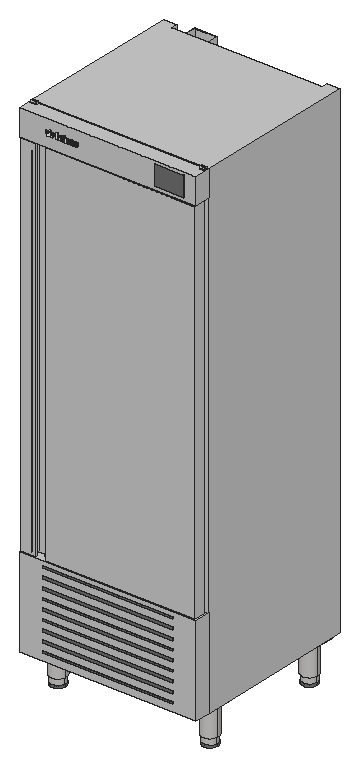
Revit family "QF_INFRICO_AN501TF_250808101445", category Specialty Equipment, Revit 2021
Family settings
  Round Connector Dimension = Use Diameter
  Part Type = Normal
  OmniClass Number = 23.40.40.14
  OmniClass Title = Food Service Equipment
  Work Plane-Based = No
  Always vertical = Yes
  Cut with Voids When Loaded = No
  Shared = No
  Room Calculation Point = No
Parameters (values of type "AN501TF-R290")
  Weight [instance] = 0.00 kg
  Waste Water Discharge Temperature [instance] = 0 °C
  Waste Remarks [instance] = ""
  Warranty Start Date [instance] = ""
  Warranty Duration [instance] = ""
  Volts [instance] = 230 V
  Volt Free Conn [instance] = no
  URL Recommended Spares List [instance] = ""
  URL Manufacturer [instance] = ""
  URL Cutsheet [instance] = ""
  URL Critical Spares List [instance] = ""
  URL = "www.infrico.com"
  Technical Documentation [instance] = ""
  Tag Number [instance] = ""
  Status [instance] = ""
  Start Up Current [instance] = 0 A
  Specification by User [instance] = ""
  Specification by Manufacturer [instance] = ""
  Sound Level [instance] = ""
  Show Logo [instance] = yes
  Show Clearances [instance] = yes
  Service Life Duration [instance] = ""
  Serial Number [instance] = ""
  Seismic Rating [instance] = ""
  SMACNA No [instance] = ""
  Revision Code [instance] = ""
  Revision [instance] = ""
  Production Year [instance] = ""
  Potential Equalisation [instance] = no
  Point Load [instance] = 0
  Plumbing Connection Type [instance] = ""
  Phase [instance] = 1
  Other Equipment Approvals [instance] = ""
  Operational Current [instance] = 0 A
  Number of Poles [instance] = 2
  No Load Power Draw [instance] = no
  NAFEM Spec ID Number [instance] = ""
  Model Warning [instance] = ""
  Model = "AN501TF"
  Min Ckt Ampacity [instance] = 0 A
  Max Overcurrent Protection [instance] = 0 A
  Masterspec [instance] = ""
  Manufacturer = "INFRICO"
  Main switch integrated [instance] = no
  Length Actual [instance] = 687.07 mm
  Item Number [instance] = ""
  Installed By [instance] = ""
  Installation Date [instance] = ""
  Indirect Waste Size [instance] = 19.05 mm
  Indirect Waste Remarks [instance] = ""
  Indirect Waste Flow [instance] = 0.0 L/s
  Indirect Waste Connection Type [instance] = ""
  Indirect Waste Connection Height [instance] = 0 mm
  Identify Quantity as Lot [instance] = no
  ID [instance] = ""
  Hygiene Approval [instance] = ""
  Height Actual [instance] = 2059.94 mm
  HP power [instance] = ""
  Furnished By [instance] = ""
  Foodservice Equipment Identifier [instance] = no
  FL Amps [instance] = 0 A
  Electrical Remarks [instance] = ""
  Electric power [instance] = 190 W
  Electric Connection Type [instance] = ""
  Elec Conn RI Height [instance] = 0 mm
  Elec Conn Connection Height [instance] = 0 mm
  ETL Approved [instance] = no
  Direct Waste Water Discharge Temperature [instance] = -273.15 °C
  Direct Waste Size [instance] = 19.05 mm
  Direct Waste RI Height [instance] = 0 mm
  Direct Waste Flow [instance] = 0.0 L/s
  Direct Waste Connection Height [instance] = 0 mm
  Description = "BOTTOM MOUNTED REFRIGERATOR AND FREEZER REACH IN - ONE DOOR - R290"
  Depth Actual [instance] = 700.024 mm
  Default Elevation = 0 mm
  Cycle [instance] = 50 Hz
  Cost = 0
  Connection to energy optimisation system [instance] = yes
  Conn Plug [instance] = ""
  Conn Conduit [instance] = no
  Centralized building control system with digital interface [instance] = ""
  CSI MasterFormat [instance] = ""
  CE Approved [instance] = no
  Barcode [instance] = 0
  Author [instance] = ""
  Asset Identifier [instance] = ""
  Apparent Power [instance] = 190 VA
  Accessory [instance] = no
Reference planes
  plane 1 "Center (Front/Back)": y = 0
  plane 2: z = 0
  plane 3 "Center (Left/Right)": x = 0
Forms (mm)
  Extrusion 1, solid, not visible
    sketch origin (343.517, -125.006, 414.52) x (1, 0, 0) y (0, 1, 0)
      loop
        line (-2, 2) -> (-2, -2) -> (2, -2) -> (2, 2) -> (-2, 2)
    from -2 to 2
  Extrusion 2, solid, not visible
    sketch origin (600.529, -22.001, 2015.698) x (1, 0, 0) y (0, 1, 0)
      loop
        line (-2, 2) -> (-2, -2) -> (2, -2) -> (2, 2) -> (-2, 2)
    from -2 to 2
Dimensions and locks
  locked: nested 2 to Extrusion 1 at 2  (x2)
  locked: Extrusion 2 to nested 3
  locked: nested 3 to Extrusion 2 at 2
  aligned and locked: level to plane 2
Nested families
  nested 1: "QF_INFRICO_A500_2920" at (0, 0, 150), type "AN501TF-R290"
    with Weight 0.00 kg, Warranty Start Date "", Warranty Duration "", URL Cutsheet "", Technical Documentation "", Tag Number "", Status "", Specification by User "", Specification by Manufacturer "", Sound Level "", Solid Fuel Type "", Show Logo yes, Show Clearances yes, Show Clearance yes, Service Life Duration "", Serial Number "", Seismic Rating "", SMACNA No "", Revision Code "", Revision "", Production Year "", Point Load 0, Other Equipment Approvals "", NAFEM Spec ID Number "", Model Warning "", Masterspec "", Length Actual 687.07 mm, Item Number "", Installed By "", Installation Date "", Identify Quantity as Lot yes, ID "", Hygiene Approval "", Height Actual 2059.94 mm, Furnished By "", Foodservice Equipment Identifier yes, ETL Approved yes, Depth Actual 700.024 mm, CSI MasterFormat "", CE Approved no, Barcode "", Author "", Asset Identifier "", Accessory no
  nested 2: "CONN_POINT_DRAIN_2D___Generic_Annotation" at (343.517, -125.006, 412.52), type "CONN_POINT_DRAIN_2D___Generic_Annotation"
    with Onboard connection annotation symbol visibility yes
  nested 3: "CONN_POINT_ELE_2D___Generic_Annotation" at (600.529, -20.001, 2015.698), type "CONN_POINT_ELE_2D___Generic_Annotation"
    with Onboard connection annotation symbol visibility yes
  nested 4: "QF_INFRICO_AN_DOOR_DX_10_4932" at (5, -640, 505), type "AN_DOOR_DX_10"
    with Weight 0.00 kg, Warranty Start Date "", Warranty Duration "", URL Cutsheet "", Technical Documentation "", Tag Number "", Status "", Specification by User "", Specification by Manufacturer "", Sound Level "", Solid Fuel Type "", Show Logo yes, Show Clearances yes, Show Clearance yes, Service Life Duration "", Serial Number "", Seismic Rating "", SMACNA No "", Revision Code "", Revision "", Production Year "", Point Load 0, Other Equipment Approvals "", NAFEM Spec ID Number "", Model Warning "", Masterspec "", Length Actual 675.894 mm, Item Number "", Installed By "", Installation Date "", Identify Quantity as Lot yes, ID "", Hygiene Approval "", Height Actual 1441.958 mm, Furnished By "", Foodservice Equipment Identifier yes, ETL Approved yes, Depth Actual 60.96 mm, CSI MasterFormat "", CE Approved no, Barcode "", Author "", Asset Identifier "", Accessory yes
  nested 5: "QF_INFRICO_LEGS_REACH_INS_5719" at (0, 0, 0), type "LEGS_687_640"
    with Weight 0.00 kg, Warranty Start Date "", Warranty Duration "", URL Cutsheet "", Technical Documentation "", Tag Number "", Status "", Specification by User "", Specification by Manufacturer "", Sound Level "", Solid Fuel Type "", Show Logo yes, Show Clearances yes, Service Life Duration "", Serial Number "", Seismic Rating "", SMACNA No "", Revision Code "", Revision "", Production Year "", Point Load 0, Other Equipment Approvals "", NAFEM Spec ID Number "", Model Warning "", Masterspec "", Length Actual 687.07 mm, Item Number "", Installed By "", Installation Date "", Identify Quantity as Lot yes, ID "", Hygiene Approval "", Height Actual 150.114 mm, Furnished By "", Foodservice Equipment Identifier yes, ETL Approved yes, Depth Actual 640.08 mm, CSI MasterFormat "", CE Approved no, Barcode "", Author "", Asset Identifier "", Accessory yes
Connectors
  piping at (343.517, -125.006, 412.52), diameter 19.05, driven by "Indirect Waste Size", driven by "Direct Waste Flow"
    settings: on Extrusion 1, index 1, connector inside diameter 609.6 mm, connector length 0 mm, flow factor 0, pipe flow 0.0 L/s, pressure drop 0.0 Pa, fitting loss kfactor 0, connector angle 0.00°, fixture units 0, engagement length 0 mm, angle of deflection 0.00°, flow configuration 1, flow direction 2, fitting loss method 0, system type 16, joint type 0, gender type 0, connector reference index -1, connector utility 0, adjustable connector no, is connector primary yes, connector description "Waste connection for AN501TF"
  electrical at (600.529, -20.001, 2015.698), driven by "Apparent Power", driven by "Number of Poles", driven by "Volts"
    settings: on Extrusion 2, index 2, voltage 230 V, apparent load 0 VA, apparent load phase1 190 VA, apparent load phase2 0 VA, apparent load phase3 0 VA, power factor 1, load classification "Other", number of poles 2, system type 31, power factor state 1, is connector primary yes, connector utility no, sub classification motor no, connector description "Electrical connection for AN501TF"
Definition of nested family "QF_INFRICO_A500_2920"
  Parameters (values of type "AEX500TF")
    Weight [instance] = 0.00 kg
    Warranty Start Date [instance] = ""
    Warranty Duration [instance] = ""
    URL Cutsheet [instance] = ""
    URL = "www.infrico.com"
    Technical Documentation [instance] = ""
    Tag Number [instance] = ""
    Status [instance] = ""
    Specification by User [instance] = ""
    Specification by Manufacturer [instance] = ""
    Sound Level [instance] = ""
    Solid Fuel Type [instance] = ""
    Show Logo [instance] = yes
    Show Clearances [instance] = yes
    Show Clearance [instance] = yes
    Service Life Duration [instance] = ""
    Serial Number [instance] = ""
    Seismic Rating [instance] = ""
    SMACNA No [instance] = ""
    Revision Code [instance] = ""
    Revision [instance] = ""
    Production Year [instance] = ""
    Point Load [instance] = 0
    Other Equipment Approvals [instance] = ""
    NAFEM Spec ID Number [instance] = ""
    Model Warning [instance] = ""
    Model = "AEX500TF"
    Masterspec [instance] = ""
    Manufacturer = "INFRICO"
    Length Actual [instance] = 0 mm
    Item Number [instance] = ""
    Installed By [instance] = ""
    Installation Date [instance] = ""
    Identify Quantity as Lot [instance] = yes
    ID [instance] = ""
    Hygiene Approval [instance] = ""
    Height Actual [instance] = 0 mm
    Furnished By [instance] = ""
    Foodservice Equipment Identifier [instance] = yes
    ETL Approved [instance] = yes
    Description = "BOTTOM MOUNTED REFRIGERATOR AND FREEZER GLASS DOOR REACH IN - ONE DOOR - R134A REFRIGERANT"
    Depth Actual [instance] = 0 mm
    Default Elevation = 0 mm
    CSI MasterFormat [instance] = ""
    CE Approved [instance] = yes
    Barcode [instance] = ""
    Author [instance] = ""
    Asset Identifier [instance] = ""
    Assembly Code = "E1090320"
    Accessory [instance] = yes
  Types (8, lengths in mm): name | Model | Description
    AEX500TF | "AEX500TF" | "BOTTOM MOUNTED REFRIGERATOR AND FREEZER GLASS DOOR REACH IN - ONE DOOR - R134A REFRIGERANT"
    AN502BT | "AN502BT" | "BOTTOM MOUNTED REFRIGERATOR REACH IN - TWO DOORS - R290 REFRIGERANT"
    AN502TF-R290 | "AN502TF" | "BOTTOM MOUNTED REFRIGERATOR REACH IN - TWO DOORS - R290 REFRIGERANT"
    AN502TF | "AN502TF" | "BOTTOM MOUNTED REFRIGERATOR REACH IN - TWO DOORS - R134A REFRIGERANT"
    AN501TF | "AN501TF" | "BOTTOM MOUNTED REFRIGERATOR AND FREEZER REACH IN - ONE DOOR - R134A REFRIGERANT"
    AN501TF-R290 | "AN501TF" | "BOTTOM MOUNTED REFRIGERATOR AND FREEZER REACH IN - ONE DOOR - R290 REFRIGERANT"
    AN501BTCR | "AN501BTCR" | "BOTTOM MOUNTED REFRIGERATOR AND FREEZER GLASS DOOR REACH IN - ONE DOOR - R290 REFRIGERANT"
    AN501BT | "AN501BT" | "BOTTOM MOUNTED REFRIGERATOR AND FREEZER REACH IN - ONE DOOR - R290 REFRIGERANT"
  Reference planes
    plane 1 "Back": y = 0
    plane 2: z = 0
    plane 3 "Left": x = 0
    plane 4 "Right": x = 687
    plane 5 "Front": y = -700
    plane 6 "Top": z = 1902
  Forms (mm)
    Extrusion 1, solid
      sketch origin (0, -95, 1652) x (1, 0, 0) y (0, 1, 0)
        loop
          line (0, -545) -> (0, -605) -> (687, -605) -> (687, -545) -> (684.5, -545) -> (684.5, -558) -> (662, -558) -> (662, -545) -> (25, -545) -> (25, -558) -> (2.5, -558) -> (2.5, -545) -> (0, -545)
      from 150 to 250
    Extrusion 2, solid
      sketch origin (0, -95, 0) x (0, 1, 0) y (0, 0, 1)
        loop
          line (-545, 350) -> (-605, 350) -> (-605, 0) -> (-545, 0) -> (-545, 350)
      from 0 to 687
    Extrusion 3, solid
      sketch origin (-2880.873, -698.1, -227.949) x (1, 0, 0) y (0, 0, 1)
        loop
          line (3478.016, 523.949) -> (2970.73, 523.949) -> (2970.73, 514.949) -> (3478.016, 514.949) -> (3478.016, 523.949)
        loop
          line (3478.016, 486.949) -> (2970.73, 486.949) -> (2970.73, 477.949) -> (3478.016, 477.949) -> (3478.016, 486.949)
        loop
          line (3478.016, 449.949) -> (2970.73, 449.949) -> (2970.73, 440.949) -> (3478.016, 440.949) -> (3478.016, 449.949)
        loop
          line (3478.016, 412.949) -> (2970.73, 412.949) -> (2970.73, 403.949) -> (3478.016, 403.949) -> (3478.016, 412.949)
        loop
          line (3478.016, 375.949) -> (2970.73, 375.949) -> (2970.73, 366.949) -> (3478.016, 366.949) -> (3478.016, 375.949)
        loop
          line (3478.016, 338.949) -> (2970.73, 338.949) -> (2970.73, 329.949) -> (3478.016, 329.949) -> (3478.016, 338.949)
        loop
          line (3478.016, 301.949) -> (2970.73, 301.949) -> (2970.73, 292.949) -> (3478.016, 292.949) -> (3478.016, 301.949)
        loop
          line (3478.016, 264.949) -> (2970.73, 264.949) -> (2970.73, 255.949) -> (3478.016, 255.949) -> (3478.016, 264.949)
        loop
          line (3478.016, 560.949) -> (2970.73, 560.949) -> (2970.73, 551.949) -> (3478.016, 551.949) -> (3478.016, 560.949)
      from 0 to 2
    Extrusion 4, solid, visible <- "Show Logo"
      sketch origin (-1062.353, -699, 1146.37) x (1, 0, 0) y (0, 0, 1)
        loop
          line (1208.799, 696.53) -> (1208.799, 719.204) -> (1204.173, 719.204) -> (1204.173, 696.53) -> (1208.799, 696.53)
        loop
          line (1214.779, 713.006) -> (1211.283, 713.006) -> (1211.283, 696.53) -> (1215.772, 696.53) -> (1215.772, 707.832)
          arc (1215.772, 707.832) -> (1217.528, 708.741) -> (1219.417, 709.324) r 11.052
          arc (1219.417, 709.324) -> (1220.929, 708.961) -> (1221.598, 707.557) r 1.806
          line (1221.598, 707.557) -> (1221.598, 696.53) -> (1226.121, 696.53) -> (1226.121, 708.689)
          arc (1226.121, 708.689) -> (1224.637, 712.075) -> (1221.141, 713.281) r 4.607
          arc (1221.141, 713.281) -> (1218.282, 712.674) -> (1215.669, 711.361) r 11.435
          line (1215.669, 711.361) -> (1215.601, 712.184)
          arc (1215.601, 712.184) -> (1215.36, 712.765) -> (1214.779, 713.006) r 0.822
        loop
          line (1238.557, 720.102) -> (1237.306, 720.102)
          arc (1237.306, 720.102) -> (1235.052, 719.926) -> (1232.881, 719.297) r 11.103
          arc (1232.881, 719.297) -> (1230.805, 717.616) -> (1230.024, 715.062) r 4.567
          line (1230.024, 715.062) -> (1230.024, 712.909) -> (1227.351, 712.703) -> (1227.351, 709.374) -> (1230.024, 709.374) -> (1230.024, 696.53) -> (1234.547, 696.53) -> (1234.547, 709.374) -> (1238.249, 709.374) -> (1238.249, 712.938) -> (1234.547, 712.938) -> (1234.547, 714.548)
          arc (1234.547, 714.548) -> (1234.956, 715.705) -> (1236.045, 716.271) r 1.67
          line (1236.045, 716.271) -> (1237.7, 716.399)
          arc (1237.7, 716.399) -> (1238.306, 716.65) -> (1238.557, 717.255) r 0.857
          line (1238.557, 717.255) -> (1238.557, 720.102)
        loop
          line (1239.479, 713.006) -> (1239.479, 696.53) -> (1243.968, 696.53) -> (1243.968, 707.352)
          arc (1243.968, 707.352) -> (1245.873, 708.631) -> (1248.077, 709.268) r 7.435
          line (1248.077, 709.268) -> (1249.241, 709.416)
          arc (1249.241, 709.416) -> (1249.643, 709.758) -> (1249.793, 710.265) r 0.928
          line (1249.793, 710.265) -> (1249.793, 712.458)
          arc (1249.793, 712.458) -> (1249.531, 713.061) -> (1248.912, 713.28) r 0.824
          arc (1248.912, 713.28) -> (1246.197, 712.588) -> (1243.899, 710.984) r 7.833
          line (1243.899, 710.984) -> (1243.726, 713.006) -> (1239.479, 713.006)
        loop
          line (1255.495, 696.53) -> (1255.495, 713.006) -> (1251.006, 713.006) -> (1251.006, 696.53) -> (1255.495, 696.53)
        loop
          arc (1257.421, 701.327) -> (1258.567, 698.188) -> (1261.466, 696.525) r 4.873
          arc (1261.466, 696.525) -> (1264.493, 696.266) -> (1267.521, 696.525) r 17.816
          arc (1267.521, 696.525) -> (1270.575, 699.134) -> (1271.505, 703.041) r 6.481
          line (1271.505, 703.041) -> (1267.187, 703.041) -> (1267.187, 701.67)
          arc (1267.187, 701.67) -> (1266.64, 700.452) -> (1265.442, 699.865) r 1.965
          arc (1265.442, 699.865) -> (1264.547, 699.816) -> (1263.653, 699.865) r 8.196
          arc (1263.653, 699.865) -> (1262.417, 700.415) -> (1261.91, 701.67) r 1.806
          line (1261.91, 701.67) -> (1261.91, 707.9)
          arc (1261.91, 707.9) -> (1262.417, 709.155) -> (1263.653, 709.705) r 1.806
          arc (1263.653, 709.705) -> (1264.547, 709.754) -> (1265.442, 709.705) r 8.196
          arc (1265.442, 709.705) -> (1266.64, 709.118) -> (1267.187, 707.9) r 1.965
          line (1267.187, 707.9) -> (1267.187, 706.838) -> (1271.505, 706.838)
          arc (1271.505, 706.838) -> (1270.524, 710.556) -> (1267.521, 712.959) r 6.132
          arc (1267.521, 712.959) -> (1264.493, 713.294) -> (1261.466, 712.959) r 13.851
          arc (1261.466, 712.959) -> (1258.571, 711.349) -> (1257.421, 708.243) r 4.772
          line (1257.421, 708.243) -> (1257.421, 701.327)
        loop
          arc (1272.916, 701.329) -> (1273.993, 698.345) -> (1276.726, 696.734) r 4.676
          arc (1276.726, 696.734) -> (1278.515, 696.455) -> (1280.318, 696.291) r 28.371
          arc (1280.318, 696.291) -> (1282.122, 696.455) -> (1283.911, 696.734) r 28.371
          arc (1283.911, 696.734) -> (1286.644, 698.345) -> (1287.72, 701.329) r 4.676
          line (1287.72, 701.329) -> (1287.72, 708.242)
          arc (1287.72, 708.242) -> (1286.644, 711.226) -> (1283.911, 712.837) r 4.676
          arc (1283.911, 712.837) -> (1282.122, 713.116) -> (1280.318, 713.28) r 28.371
          arc (1280.318, 713.28) -> (1278.515, 713.116) -> (1276.726, 712.837) r 28.371
          arc (1276.726, 712.837) -> (1273.993, 711.226) -> (1272.916, 708.242) r 4.676
          line (1272.916, 708.242) -> (1272.916, 701.329)
        loop
          line (1277.405, 707.866) -> (1277.405, 701.705)
          arc (1277.405, 701.705) -> (1277.844, 700.556) -> (1278.936, 699.991) r 1.725
          arc (1278.936, 699.991) -> (1279.627, 699.918) -> (1280.318, 699.856) r 46.133
          arc (1280.318, 699.856) -> (1281.01, 699.918) -> (1281.701, 699.991) r 46.133
          arc (1281.701, 699.991) -> (1282.793, 700.556) -> (1283.231, 701.705) r 1.725
          line (1283.231, 701.705) -> (1283.231, 707.866)
          arc (1283.231, 707.866) -> (1282.793, 709.015) -> (1281.701, 709.58) r 1.725
          arc (1281.701, 709.58) -> (1281.01, 709.653) -> (1280.318, 709.716) r 46.133
          arc (1280.318, 709.716) -> (1279.627, 709.653) -> (1278.936, 709.58) r 46.133
          arc (1278.936, 709.58) -> (1277.844, 709.015) -> (1277.405, 707.866) r 1.725
        loop
          arc (1190.339, 696.543) -> (1191.411, 696.987) -> (1191.856, 698.059) r 1.516
          line (1191.856, 698.059) -> (1191.856, 703.891) -> (1196.035, 703.891)
          arc (1196.035, 703.891) -> (1196.79, 704.121) -> (1197.218, 704.782) r 1.147
          line (1197.218, 704.782) -> (1197.218, 706.211)
          arc (1197.218, 706.211) -> (1196.787, 707.258) -> (1195.719, 707.634) r 1.385
          line (1195.719, 707.634) -> (1194.52, 707.634) -> (1197.218, 710.332)
          arc (1197.218, 710.332) -> (1197.605, 711.266) -> (1197.218, 712.2) r 1.321
          line (1197.218, 712.2) -> (1196.495, 712.923)
          arc (1196.495, 712.923) -> (1195.54, 713.338) -> (1194.558, 712.991) r 1.422
          line (1194.558, 712.991) -> (1191.853, 710.286) -> (1191.853, 711.479)
          arc (1191.853, 711.479) -> (1191.443, 712.516) -> (1190.435, 712.992) r 1.516
          line (1190.435, 712.992) -> (1189.514, 712.992)
          arc (1189.514, 712.992) -> (1188.511, 712.514) -> (1188.103, 711.479) r 1.516
          line (1188.103, 711.479) -> (1188.103, 706.83) -> (1182.073, 701.336) -> (1182.073, 707.509) -> (1185.639, 711.075)
          arc (1185.639, 711.075) -> (1186.053, 712.073) -> (1185.639, 713.071) r 1.412
          line (1185.639, 713.071) -> (1184.987, 713.723)
          arc (1184.987, 713.723) -> (1183.939, 714.141) -> (1182.915, 713.667) r 1.428
          line (1182.915, 713.667) -> (1182.073, 712.825) -> (1182.073, 717.784)
          arc (1182.073, 717.784) -> (1181.658, 718.787) -> (1180.655, 719.203) r 1.418
          line (1180.655, 719.203) -> (1179.726, 719.203)
          arc (1179.726, 719.203) -> (1178.723, 718.787) -> (1178.308, 717.784) r 1.418
          line (1178.308, 717.784) -> (1178.308, 712.825) -> (1177.466, 713.667)
          arc (1177.466, 713.667) -> (1176.442, 714.141) -> (1175.394, 713.723) r 1.428
          line (1175.394, 713.723) -> (1174.742, 713.071)
          arc (1174.742, 713.071) -> (1174.328, 712.073) -> (1174.742, 711.075) r 1.412
          line (1174.742, 711.075) -> (1178.308, 707.509) -> (1178.308, 701.336) -> (1172.278, 706.83) -> (1172.278, 711.479)
          arc (1172.278, 711.479) -> (1171.87, 712.514) -> (1170.867, 712.992) r 1.516
          line (1170.867, 712.992) -> (1169.946, 712.992)
          arc (1169.946, 712.992) -> (1168.938, 712.516) -> (1168.528, 711.479) r 1.516
          line (1168.528, 711.479) -> (1168.528, 710.286) -> (1165.823, 712.991)
          arc (1165.823, 712.991) -> (1164.841, 713.338) -> (1163.886, 712.923) r 1.422
          line (1163.886, 712.923) -> (1163.163, 712.2)
          arc (1163.163, 712.2) -> (1162.776, 711.266) -> (1163.163, 710.332) r 1.321
          line (1163.163, 710.332) -> (1165.861, 707.634) -> (1164.662, 707.634)
          arc (1164.662, 707.634) -> (1163.594, 707.258) -> (1163.163, 706.211) r 1.385
          line (1163.163, 706.211) -> (1163.163, 704.782)
          arc (1163.163, 704.782) -> (1163.591, 704.121) -> (1164.346, 703.891) r 1.147
          line (1164.346, 703.891) -> (1168.525, 703.891) -> (1168.525, 698.059)
          arc (1168.525, 698.059) -> (1168.969, 696.987) -> (1170.042, 696.543) r 1.516
          line (1170.042, 696.543) -> (1190.339, 696.543)
      from 0 to 2
    Extrusion 5, solid
      sketch origin (-640.933, -4.97, 1236.674) x (1, 0, 0) y (0, 0, 1)
        loop
          line (1169.616, 654.3) -> (1169.616, 577.9) -> (1281.216, 577.9) -> (1281.216, 654.3) -> (1169.616, 654.3)
      from 695.03 to 697.03
    Extrusion 6, solid
      sketch origin (5, -77, -10) x (0, 1, 0) y (0, 0, 1)
        loop
          line (-567, 1911) -> (-563, 1911) -> (-563, 1914.5)
          arc (-563, 1914.5) -> (-564.062, 1917.463) -> (-565.924, 1920) r 10.917
          line (-565.924, 1920) -> (-573.076, 1920)
          arc (-573.076, 1920) -> (-574.938, 1917.463) -> (-576, 1914.5) r 10.917
          line (-576, 1914.5) -> (-576, 1911) -> (-572, 1911) -> (-572, 1914.5)
          arc (-572, 1914.5) -> (-569.5, 1917) -> (-567, 1914.5) r 2.5
          line (-567, 1914.5) -> (-567, 1911)
      from 0 to 17.5
    Extrusion 7, solid
      sketch origin (2, -77, -10) x (0, 1, 0) y (0, 0, 1)
        loop
          arc (-567.161, 1915.382) -> (-569.948, 1916.96) -> (-572, 1914.5) r 2.5
          line (-572, 1914.5) -> (-571.49, 1908.671) -> (-564.851, 1909.252) -> (-567.161, 1915.382)
      from 0.5 to 3
    Extrusion 8, solid
      sketch origin (22, -77, -10) x (0, 1, 0) y (0, 0, 1)
        loop
          arc (-567.161, 1915.382) -> (-569.948, 1916.96) -> (-572, 1914.5) r 2.5
          line (-572, 1914.5) -> (-571.49, 1908.671) -> (-564.851, 1909.252) -> (-567.161, 1915.382)
      from 0.5 to 3
    Extrusion 9, solid
      sketch origin (664.5, -77, -10) x (0, 1, 0) y (0, 0, 1)
        loop
          line (-567, 1911) -> (-563, 1911) -> (-563, 1914.5)
          arc (-563, 1914.5) -> (-564.062, 1917.463) -> (-565.924, 1920) r 10.917
          line (-565.924, 1920) -> (-573.076, 1920)
          arc (-573.076, 1920) -> (-574.938, 1917.463) -> (-576, 1914.5) r 10.917
          line (-576, 1914.5) -> (-576, 1911) -> (-572, 1911) -> (-572, 1914.5)
          arc (-572, 1914.5) -> (-569.5, 1917) -> (-567, 1914.5) r 2.5
          line (-567, 1914.5) -> (-567, 1911)
      from 0 to 17.5
    Extrusion 10, solid
      sketch origin (661.5, -77, -10) x (0, 1, 0) y (0, 0, 1)
        loop
          arc (-567.161, 1915.382) -> (-569.948, 1916.96) -> (-572, 1914.5) r 2.5
          line (-572, 1914.5) -> (-571.49, 1908.671) -> (-564.851, 1909.252) -> (-567.161, 1915.382)
      from 0.5 to 3
    Extrusion 11, solid
      sketch origin (681.5, -77, -10) x (0, 1, 0) y (0, 0, 1)
        loop
          arc (-567.161, 1915.382) -> (-569.948, 1916.96) -> (-572, 1914.5) r 2.5
          line (-572, 1914.5) -> (-571.49, 1908.671) -> (-564.851, 1909.252) -> (-567.161, 1915.382)
      from 0.5 to 3
    Extrusion 12, solid
      sketch origin (0, 0, 0) x (1, 0, 0) y (0, 1, 0)
        loop
          line (0, -640) -> (20, -640) -> (20, -20) -> (50, -20) -> (50, 0) -> (0, 0) -> (0, -640)
        loop
          line (687, -640) -> (687, 0) -> (637, 0) -> (637, -20) -> (667, -20) -> (667, -640) -> (687, -640)
      from 0 to 1902
    Extrusion 13, solid
      sketch origin (0, 0, 0) x (1, 0, 0) y (0, 1, 0)
        loop
          line (20, -20) -> (20, -640) -> (667, -640) -> (667, -20) -> (20, -20)
        loop
          line (50, -610) -> (637, -610) -> (637, -50) -> (50, -50) -> (50, -610)
      from 257.5 to 1902
    Extrusion 14, solid
      sketch origin (-120.635, 115, 405) x (1, 0, 0) y (0, 1, 0)
        loop
          arc (214.135, -210) -> (203.529, -214.393) -> (199.135, -225) r 15
          line (199.135, -225) -> (199.135, -665)
          arc (199.135, -665) -> (203.529, -675.607) -> (214.135, -680) r 15
          line (214.135, -680) -> (714.135, -680)
          arc (714.135, -680) -> (724.742, -675.607) -> (729.135, -665) r 15
          line (729.135, -665) -> (729.135, -225)
          arc (729.135, -225) -> (724.742, -214.393) -> (714.135, -210) r 15
          line (714.135, -210) -> (214.135, -210)
        loop
          arc (209.135, -665) -> (210.6, -668.536) -> (214.135, -670) r 5
          line (214.135, -670) -> (236.635, -670) -> (236.635, -220) -> (214.135, -220)
          arc (214.135, -220) -> (210.6, -221.464) -> (209.135, -225) r 5
          line (209.135, -225) -> (209.135, -665)
        loop
          line (691.635, -220) -> (691.635, -670) -> (714.135, -670)
          arc (714.135, -670) -> (717.671, -668.536) -> (719.135, -665) r 5
          line (719.135, -665) -> (719.135, -225)
          arc (719.135, -225) -> (717.671, -221.464) -> (714.135, -220) r 5
          line (714.135, -220) -> (691.635, -220)
        loop
          line (686.635, -220) -> (646.635, -220) -> (646.635, -670) -> (686.635, -670) -> (686.635, -220)
        loop
          line (641.635, -220) -> (601.635, -220) -> (601.635, -670) -> (641.635, -670) -> (641.635, -220)
        loop
          line (596.635, -220) -> (556.635, -220) -> (556.635, -670) -> (596.635, -670) -> (596.635, -220)
        loop
          line (551.635, -220) -> (511.635, -220) -> (511.635, -670) -> (551.635, -670) -> (551.635, -220)
        loop
          line (506.635, -220) -> (466.635, -220) -> (466.635, -670) -> (506.635, -670) -> (506.635, -220)
        loop
          line (461.635, -220) -> (421.635, -220) -> (421.635, -670) -> (461.635, -670) -> (461.635, -220)
        loop
          line (416.635, -220) -> (376.635, -220) -> (376.635, -670) -> (416.635, -670) -> (416.635, -220)
        loop
          line (371.635, -220) -> (331.635, -220) -> (331.635, -670) -> (371.635, -670) -> (371.635, -220)
        loop
          line (326.635, -220) -> (286.635, -220) -> (286.635, -670) -> (326.635, -670) -> (326.635, -220)
        loop
          line (281.635, -220) -> (241.635, -220) -> (241.635, -670) -> (281.635, -670) -> (281.635, -220)
      from 95 to 100
    Extrusion 15, void
      sketch origin (0, -390, 0) x (1, 0, 0) y (0, 0, 1)
        loop
          line (50, 425) -> (637, 425) -> (637, 1742) -> (50, 1742) -> (50, 425)
      from 220 to 250
    Extrusion 16, solid
      sketch origin (20, 0, 0) x (1, 0, 0) y (0, 0, 1)
        loop
          line (52, 500) -> (52, 526.5) -> (50, 526.5) -> (50, 498) -> (68.5, 498) -> (68.5, 500) -> (52, 500)
      from 50 to 610
    Extrusion 17, solid
      sketch origin (-120.635, 115, 655) x (1, 0, 0) y (0, 1, 0)
        loop
          arc (214.135, -210) -> (203.529, -214.393) -> (199.135, -225) r 15
          line (199.135, -225) -> (199.135, -665)
          arc (199.135, -665) -> (203.529, -675.607) -> (214.135, -680) r 15
          line (214.135, -680) -> (714.135, -680)
          arc (714.135, -680) -> (724.742, -675.607) -> (729.135, -665) r 15
          line (729.135, -665) -> (729.135, -225)
          arc (729.135, -225) -> (724.742, -214.393) -> (714.135, -210) r 15
          line (714.135, -210) -> (214.135, -210)
        loop
          arc (209.135, -665) -> (210.6, -668.536) -> (214.135, -670) r 5
          line (214.135, -670) -> (236.635, -670) -> (236.635, -220) -> (214.135, -220)
          arc (214.135, -220) -> (210.6, -221.464) -> (209.135, -225) r 5
          line (209.135, -225) -> (209.135, -665)
        loop
          line (691.635, -220) -> (691.635, -670) -> (714.135, -670)
          arc (714.135, -670) -> (717.671, -668.536) -> (719.135, -665) r 5
          line (719.135, -665) -> (719.135, -225)
          arc (719.135, -225) -> (717.671, -221.464) -> (714.135, -220) r 5
          line (714.135, -220) -> (691.635, -220)
        loop
          line (686.635, -220) -> (646.635, -220) -> (646.635, -670) -> (686.635, -670) -> (686.635, -220)
        loop
          line (641.635, -220) -> (601.635, -220) -> (601.635, -670) -> (641.635, -670) -> (641.635, -220)
        loop
          line (596.635, -220) -> (556.635, -220) -> (556.635, -670) -> (596.635, -670) -> (596.635, -220)
        loop
          line (551.635, -220) -> (511.635, -220) -> (511.635, -670) -> (551.635, -670) -> (551.635, -220)
        loop
          line (506.635, -220) -> (466.635, -220) -> (466.635, -670) -> (506.635, -670) -> (506.635, -220)
        loop
          line (461.635, -220) -> (421.635, -220) -> (421.635, -670) -> (461.635, -670) -> (461.635, -220)
        loop
          line (416.635, -220) -> (376.635, -220) -> (376.635, -670) -> (416.635, -670) -> (416.635, -220)
        loop
          line (371.635, -220) -> (331.635, -220) -> (331.635, -670) -> (371.635, -670) -> (371.635, -220)
        loop
          line (326.635, -220) -> (286.635, -220) -> (286.635, -670) -> (326.635, -670) -> (326.635, -220)
        loop
          line (281.635, -220) -> (241.635, -220) -> (241.635, -670) -> (281.635, -670) -> (281.635, -220)
      from 95 to 100
    Extrusion 18, solid
      sketch origin (-120.635, 115, 985) x (1, 0, 0) y (0, 1, 0)
        loop
          arc (214.135, -210) -> (203.529, -214.393) -> (199.135, -225) r 15
          line (199.135, -225) -> (199.135, -665)
          arc (199.135, -665) -> (203.529, -675.607) -> (214.135, -680) r 15
          line (214.135, -680) -> (714.135, -680)
          arc (714.135, -680) -> (724.742, -675.607) -> (729.135, -665) r 15
          line (729.135, -665) -> (729.135, -225)
          arc (729.135, -225) -> (724.742, -214.393) -> (714.135, -210) r 15
          line (714.135, -210) -> (214.135, -210)
        loop
          arc (209.135, -665) -> (210.6, -668.536) -> (214.135, -670) r 5
          line (214.135, -670) -> (236.635, -670) -> (236.635, -220) -> (214.135, -220)
          arc (214.135, -220) -> (210.6, -221.464) -> (209.135, -225) r 5
          line (209.135, -225) -> (209.135, -665)
        loop
          line (691.635, -220) -> (691.635, -670) -> (714.135, -670)
          arc (714.135, -670) -> (717.671, -668.536) -> (719.135, -665) r 5
          line (719.135, -665) -> (719.135, -225)
          arc (719.135, -225) -> (717.671, -221.464) -> (714.135, -220) r 5
          line (714.135, -220) -> (691.635, -220)
        loop
          line (686.635, -220) -> (646.635, -220) -> (646.635, -670) -> (686.635, -670) -> (686.635, -220)
        loop
          line (641.635, -220) -> (601.635, -220) -> (601.635, -670) -> (641.635, -670) -> (641.635, -220)
        loop
          line (596.635, -220) -> (556.635, -220) -> (556.635, -670) -> (596.635, -670) -> (596.635, -220)
        loop
          line (551.635, -220) -> (511.635, -220) -> (511.635, -670) -> (551.635, -670) -> (551.635, -220)
        loop
          line (506.635, -220) -> (466.635, -220) -> (466.635, -670) -> (506.635, -670) -> (506.635, -220)
        loop
          line (461.635, -220) -> (421.635, -220) -> (421.635, -670) -> (461.635, -670) -> (461.635, -220)
        loop
          line (416.635, -220) -> (376.635, -220) -> (376.635, -670) -> (416.635, -670) -> (416.635, -220)
        loop
          line (371.635, -220) -> (331.635, -220) -> (331.635, -670) -> (371.635, -670) -> (371.635, -220)
        loop
          line (326.635, -220) -> (286.635, -220) -> (286.635, -670) -> (326.635, -670) -> (326.635, -220)
        loop
          line (281.635, -220) -> (241.635, -220) -> (241.635, -670) -> (281.635, -670) -> (281.635, -220)
      from 95 to 100
    Extrusion 19, solid
      sketch origin (-120.635, 115, 1315) x (1, 0, 0) y (0, 1, 0)
        loop
          arc (214.135, -210) -> (203.529, -214.393) -> (199.135, -225) r 15
          line (199.135, -225) -> (199.135, -665)
          arc (199.135, -665) -> (203.529, -675.607) -> (214.135, -680) r 15
          line (214.135, -680) -> (714.135, -680)
          arc (714.135, -680) -> (724.742, -675.607) -> (729.135, -665) r 15
          line (729.135, -665) -> (729.135, -225)
          arc (729.135, -225) -> (724.742, -214.393) -> (714.135, -210) r 15
          line (714.135, -210) -> (214.135, -210)
        loop
          arc (209.135, -665) -> (210.6, -668.536) -> (214.135, -670) r 5
          line (214.135, -670) -> (236.635, -670) -> (236.635, -220) -> (214.135, -220)
          arc (214.135, -220) -> (210.6, -221.464) -> (209.135, -225) r 5
          line (209.135, -225) -> (209.135, -665)
        loop
          line (691.635, -220) -> (691.635, -670) -> (714.135, -670)
          arc (714.135, -670) -> (717.671, -668.536) -> (719.135, -665) r 5
          line (719.135, -665) -> (719.135, -225)
          arc (719.135, -225) -> (717.671, -221.464) -> (714.135, -220) r 5
          line (714.135, -220) -> (691.635, -220)
        loop
          line (686.635, -220) -> (646.635, -220) -> (646.635, -670) -> (686.635, -670) -> (686.635, -220)
        loop
          line (641.635, -220) -> (601.635, -220) -> (601.635, -670) -> (641.635, -670) -> (641.635, -220)
        loop
          line (596.635, -220) -> (556.635, -220) -> (556.635, -670) -> (596.635, -670) -> (596.635, -220)
        loop
          line (551.635, -220) -> (511.635, -220) -> (511.635, -670) -> (551.635, -670) -> (551.635, -220)
        loop
          line (506.635, -220) -> (466.635, -220) -> (466.635, -670) -> (506.635, -670) -> (506.635, -220)
        loop
          line (461.635, -220) -> (421.635, -220) -> (421.635, -670) -> (461.635, -670) -> (461.635, -220)
        loop
          line (416.635, -220) -> (376.635, -220) -> (376.635, -670) -> (416.635, -670) -> (416.635, -220)
        loop
          line (371.635, -220) -> (331.635, -220) -> (331.635, -670) -> (371.635, -670) -> (371.635, -220)
        loop
          line (326.635, -220) -> (286.635, -220) -> (286.635, -670) -> (326.635, -670) -> (326.635, -220)
        loop
          line (281.635, -220) -> (241.635, -220) -> (241.635, -670) -> (281.635, -670) -> (281.635, -220)
      from 95 to 100
    Extrusion 20, solid
      sketch origin (0, -50, 0) x (1, 0, 0) y (0, 0, 1)
        loop
          line (60, 433) -> (70, 463) -> (70, 468) -> (70, 1643) -> (60, 1678) -> (50, 1678) -> (50, 433) -> (60, 433)
      from 0 to 20
    Extrusion 21, solid
      sketch origin (0, -590, 0) x (1, 0, 0) y (0, 0, 1)
        loop
          line (60, 433) -> (70, 463) -> (70, 468) -> (70, 1643) -> (60, 1678) -> (50, 1678) -> (50, 433) -> (60, 433)
      from 0 to 20
    Extrusion 22, solid
      sketch origin (667, 0, 0) x (-1, 0, 0) y (0, 0, -1)
        loop
          line (52, -500) -> (68.5, -500) -> (68.5, -498) -> (50, -498) -> (50, -526.5) -> (52, -526.5) -> (52, -500)
      from 50 to 610
    Extrusion 23, solid
      sketch origin (687, -50, 0) x (-1, 0, 0) y (0, 0, -1)
        loop
          line (60, -433) -> (50, -433) -> (50, -1678) -> (60, -1678) -> (70, -1643) -> (70, -468) -> (70, -463) -> (60, -433)
      from 0 to 20
    Extrusion 24, solid
      sketch origin (687, -590, 0) x (-1, 0, 0) y (0, 0, -1)
        loop
          line (60, -433) -> (50, -433) -> (50, -1678) -> (60, -1678) -> (70, -1643) -> (70, -468) -> (70, -463) -> (60, -433)
      from 0 to 20
    Extrusion 25, solid
      sketch origin (20, 0, 250) x (1, 0, 0) y (0, 0, 1)
        loop
          line (52, 500) -> (52, 526.5) -> (50, 526.5) -> (50, 498) -> (68.5, 498) -> (68.5, 500) -> (52, 500)
      from 50 to 610
    Extrusion 26, solid
      sketch origin (667, 0, 250) x (-1, 0, 0) y (0, 0, -1)
        loop
          line (52, -500) -> (68.5, -500) -> (68.5, -498) -> (50, -498) -> (50, -526.5) -> (52, -526.5) -> (52, -500)
      from 50 to 610
    Extrusion 27, solid
      sketch origin (20, 0, 580) x (1, 0, 0) y (0, 0, 1)
        loop
          line (52, 500) -> (52, 526.5) -> (50, 526.5) -> (50, 498) -> (68.5, 498) -> (68.5, 500) -> (52, 500)
      from 50 to 610
    Extrusion 28, solid
      sketch origin (667, 0, 580) x (-1, 0, 0) y (0, 0, -1)
        loop
          line (52, -500) -> (68.5, -500) -> (68.5, -498) -> (50, -498) -> (50, -526.5) -> (52, -526.5) -> (52, -500)
      from 50 to 610
    Extrusion 29, solid
      sketch origin (20, 0, 910) x (1, 0, 0) y (0, 0, 1)
        loop
          line (52, 500) -> (52, 526.5) -> (50, 526.5) -> (50, 498) -> (68.5, 498) -> (68.5, 500) -> (52, 500)
      from 50 to 610
    Extrusion 30, solid
      sketch origin (667, 0, 910) x (-1, 0, 0) y (0, 0, -1)
        loop
          line (52, -500) -> (68.5, -500) -> (68.5, -498) -> (50, -498) -> (50, -526.5) -> (52, -526.5) -> (52, -500)
      from 50 to 610
    Extrusion 31, solid
      sketch origin (0, 0, -30) x (1, 0, 0) y (0, 0, 1)
        loop
          line (50, 1927) -> (637, 1927) -> (637, 1932) -> (50, 1932) -> (50, 1927)
      from 50 to 610
    Extrusion 32, solid
      sketch origin (0, 0, -1927) x (1, 0, 0) y (0, 0, 1)
        loop
          line (20, 1927) -> (667, 1927) -> (667, 1932) -> (20, 1932) -> (20, 1927)
      from 20 to 640
    Extrusion 33, solid
      sketch origin (0, -10, -30) x (1, 0, 0) y (0, 0, 1)
        loop
          circle (563, 1899) r 12.7
      from 0 to 10
    Extrusion 34, solid
      sketch origin (0, 0, -1669.5) x (1, 0, 0) y (0, 0, 1)
        loop
          line (20, 1927) -> (667, 1927) -> (667, 1932) -> (20, 1932) -> (20, 1927)
      from 20 to 640
    Extrusion 35, solid
      sketch origin (0, 0, 247.5) x (1, 0, 0) y (0, 1, 0)
        loop
          circle (343.5, -106) r 9.525
      from 0 to 10
    Extrusion 36, solid
      sketch origin (122, -1937, -351) x (0, 0, -1) y (0, 1, 0)
        loop
          circle (-355, 1921) r 4
        loop
          circle (-630, 1923) r 2
        loop
          circle (-605, 1923) r 2
        loop
          circle (-580, 1923) r 2
        loop
          circle (-555, 1923) r 2
        loop
          circle (-530, 1923) r 2
        loop
          circle (-505, 1923) r 2
        loop
          circle (-480, 1923) r 2
        loop
          circle (-455, 1923) r 2
        loop
          circle (-430, 1923) r 2
        loop
          circle (-405, 1923) r 2
        loop
          circle (-380, 1923) r 2
        loop
          circle (-655, 1923) r 2
        loop
          circle (-680, 1923) r 2
        loop
          circle (-705, 1923) r 2
      from -72 to 515
    Extrusion 37, solid
      sketch origin (65, -1929, -348) x (1, 0, 0) y (0, 1, 0)
        loop
          circle (568, 1921) r 4
        loop
          circle (278.5, 1921) r 4
        loop
          circle (-11, 1921) r 4
      from 348 to 718
    Extrusion 38, solid
      sketch origin (-151, -5, 0) x (1, 0, 0) y (0, 1, 0)
        loop
          line (343.5, -15) -> (343.5, 25) -> (258.5, 25) -> (258.5, -15) -> (259.5, -15) -> (259.5, 24) -> (342.5, 24) -> (342.5, -15) -> (343.5, -15)
      from 370 to 1902
  Cuts and joins
    Extrusion 15 cuts Extrusion 12
    Extrusion 15 cuts Extrusion 13
    joined: Extrusion 12, Extrusion 13, Extrusion 24, Extrusion 31, Extrusion 32, Extrusion 34
  Lines and regions (mm)
    symbolic lines, visible <- "Show Clearance"
      curve 1: line (687, -700, 0) -> (687, 0, 0)
      curve 2: line (687, 0, 0) -> (637, 0, 0)
      curve 3: line (0, 0, 0) -> (0, -700, 0)
      curve 4: line (0, -700, 0) -> (687, -700, 0)
      curve 5: line (0, -640, 0) -> (687, -640, 0)
      curve 6: line (50, 0, 0) -> (0, 0, 0)
      curve 7: line (50, 0, 0) -> (50, -20, 0)
      curve 8: line (50, -20, 0) -> (637, -20, 0)
      curve 9: line (637, -20, 0) -> (637, 0, 0)
  Dimensions and locks
    plane 6 "Top" to level = 1902 mm  (x2)
    plane 4 "Right" to plane 3 "Left" = 687 mm
    plane 1 "Back" to plane 5 "Front" = 700 mm  (x2)
    plane 3 "Left" to plane 4 "Right" = 687 mm
    aligned and locked: level to plane 2
  Connectors
    electrical at (563, -10, 1869)
      settings: on Extrusion 33, index 1, voltage 0 V, apparent load 0 VA, apparent load phase1 0 VA, apparent load phase2 0 VA, apparent load phase3 0 VA, power factor 1, load classification none, number of poles 1, system type 31, power factor state 1, is connector primary yes, connector utility no, sub classification motor no, connector description "Electrical connection"
    piping at (343.5, -106, 247.5), diameter 19.1
      settings: on Extrusion 35, index 2, connector inside diameter 609.6 mm, connector length 0 mm, flow factor 0, pipe flow 0.0 L/s, pressure drop 0.0 Pa, fitting loss kfactor 0, connector angle 0.00°, fixture units 0, engagement length 0 mm, angle of deflection 0.00°, flow configuration 1, flow direction 2, fitting loss method 0, system type 16, joint type 0, gender type 0, connector reference index -1, connector utility 0, adjustable connector no, is connector primary yes, connector description "Drain connection"
Definition of nested family "QF_INFRICO_AN_DOOR_DX_10_4932"
  Parameters (values of type "AN_DOOR_DX_10")
    Weight [instance] = 0.00 kg
    Warranty Start Date [instance] = ""
    Warranty Duration [instance] = ""
    URL Cutsheet [instance] = ""
    URL = "www.infrico.com"
    Technical Documentation [instance] = ""
    Tag Number [instance] = ""
    Status [instance] = ""
    Specification by User [instance] = ""
    Specification by Manufacturer [instance] = ""
    Sound Level [instance] = ""
    Solid Fuel Type [instance] = ""
    Show Logo [instance] = yes
    Show Clearances [instance] = yes
    Show Clearance [instance] = yes
    Service Life Duration [instance] = ""
    Serial Number [instance] = ""
    Seismic Rating [instance] = ""
    SMACNA No [instance] = ""
    Revision Code [instance] = ""
    Revision [instance] = ""
    Production Year [instance] = ""
    Point Load [instance] = 0
    Other Equipment Approvals [instance] = ""
    NAFEM Spec ID Number [instance] = ""
    Model Warning [instance] = ""
    Model = "AN_DOOR_DX_10"
    Masterspec [instance] = ""
    Manufacturer = "INFRICO"
    Length Actual [instance] = 0 mm
    Item Number [instance] = ""
    Installed By [instance] = ""
    Installation Date [instance] = ""
    Identify Quantity as Lot [instance] = yes
    ID [instance] = ""
    Hygiene Approval [instance] = ""
    Height Actual [instance] = 0 mm
    Furnished By [instance] = ""
    Foodservice Equipment Identifier [instance] = yes
    ETL Approved [instance] = yes
    Description = "RIGHT DOOR"
    Depth Actual [instance] = 0 mm
    Default Elevation = 0 mm
    CSI MasterFormat [instance] = ""
    CE Approved [instance] = yes
    Barcode [instance] = ""
    Author [instance] = ""
    Asset Identifier [instance] = ""
    Assembly Code = "E1090320"
    Accessory [instance] = yes
  Reference planes
    plane 1 "Back": y = 0
    plane 2: z = 0
    plane 3 "Left": x = 0
    plane 4 "Right": x = 677
    plane 5 "Front": y = -60
    plane 6 "Top": z = 1442
  Forms (mm)
    Extrusion 1, solid
      sketch origin (-2385.326, 638.02, 676.39) x (1, 0, 0) y (0, 1, 0)
        loop
          line (2481.426, -698.02) -> (3062.326, -698.02) -> (3062.326, -654.02) -> (2385.326, -654.02) -> (2385.326, -664.81) -> (2392.592, -664.81) -> (2397.525, -683.218) -> (2385.326, -690.261) -> (2385.326, -698.02) -> (2442.566, -698.02) -> (2442.566, -694.947) -> (2417.304, -684.224)
          arc (2417.304, -684.224) -> (2416.774, -683.563) -> (2416.566, -682.741) r 2.001
          line (2416.566, -682.741) -> (2416.222, -672.896)
          arc (2416.222, -672.896) -> (2416.582, -671.631) -> (2417.663, -670.881) r 1.95
          line (2417.663, -670.881) -> (2428.604, -667.95) -> (2451.356, -667.95) -> (2481.426, -698.02)
      from -676.39 to 765.61
    Extrusion 2, solid
      sketch origin (129, 232, 4) x (1, 0, 0) y (0, 0, 1)
        loop
          line (533, 1423) -> (-114, 1423) -> (-114, 11) -> (533, 11) -> (533, 1423)
        loop
          line (503, 1393) -> (-84, 1393) -> (-84, 41) -> (503, 41) -> (503, 1393)
      from 232 to 248
    Extrusion 3, solid, detail levels coarse
      sketch origin (676, 1, 0) x (-1, 0, 0) y (0, -1, 0)
        loop
          line (-1, 61) -> (676, 61)
          arc (676, 61) -> (490.599, 508.599) -> (43, 694) r 633
          line (43, 694) -> (-1, 694) -> (-1, 61)
      from 0 to 1442
  Lines and regions (mm)
    symbolic lines, visible <- "Show Clearance"
      curve 1: line (677, -60, 0) -> (677, -693, 0)
      curve 2: line (677, -693, 0) -> (633, -693, 0)
      curve 3: line (633, -693, 0) -> (633, -60, 0)
      curve 4: arc (0, -60, 0) -> (185.401, -507.599, 0) -> (633, -693, 0) r 633
  Dimensions and locks
    plane 6 "Top" to level = 1442 mm  (x2)
    plane 4 "Right" to plane 3 "Left" = 677 mm
    plane 1 "Back" to plane 5 "Front" = 60 mm  (x2)
    plane 3 "Left" to plane 4 "Right" = 677 mm
    aligned and locked: level to plane 2
Definition of nested family "QF_INFRICO_LEGS_REACH_INS_5719"
  Parameters (values of type "LEGS_930_756")
    Weight [instance] = 0.00 kg
    Warranty Start Date [instance] = ""
    Warranty Duration [instance] = ""
    URL Cutsheet [instance] = ""
    URL = "www.infrico.com"
    Technical Documentation [instance] = ""
    Tag Number [instance] = ""
    Status [instance] = ""
    Specification by User [instance] = ""
    Specification by Manufacturer [instance] = ""
    Sound Level [instance] = ""
    Solid Fuel Type [instance] = ""
    Show Logo [instance] = yes
    Show Clearances [instance] = yes
    Service Life Duration [instance] = ""
    Serial Number [instance] = ""
    Seismic Rating [instance] = ""
    SMACNA No [instance] = ""
    Right offset = 228 mm
    Revision Code [instance] = ""
    Revision [instance] = ""
    Rear offset = 163 mm
    Production Year [instance] = ""
    Point Load [instance] = 0
    Other Equipment Approvals [instance] = ""
    NAFEM Spec ID Number [instance] = ""
    Model Warning [instance] = ""
    Model = "LEGS_930_756"
    Masterspec [instance] = ""
    Manufacturer = "INFRICO"
    Length Actual [instance] = 0 mm
    Length = 930 mm
    Left offset = 136 mm
    Item Number [instance] = ""
    Installed By [instance] = ""
    Installation Date [instance] = ""
    Identify Quantity as Lot [instance] = yes
    ID [instance] = ""
    Hygiene Approval [instance] = ""
    Height Actual [instance] = 0 mm
    Height = 150 mm
    Furnished By [instance] = ""
    Front offset = 60 mm
    Foodservice Equipment Identifier [instance] = yes
    ETL Approved [instance] = yes
    Description = "LEGS"
    Depth Actual [instance] = 0 mm
    Depth = 756 mm
    Default Elevation = 0 mm
    CentralLegs = if(Length > 2000 mm, 2 > 1, 2 < 1)  # no
    CSI MasterFormat [instance] = ""
    CE Approved [instance] = yes
    Barcode [instance] = ""
    Author [instance] = ""
    Asset Identifier [instance] = ""
    Assembly Code = "E1090320"
    Accessory [instance] = yes
  Types (32, lengths in mm): name | Right offset | Rear offset | Model | Length | Left offset | Height | Front offset | Depth | CentralLegs
    LEGS_557_720 | 47 | 88 | "LEGS_557_720" | 557 | 47 | 150 | 67 | 720 | no
    LEGS_1124_720 | 47 | 88 | "LEGS_1124_720" | 1124 | 47 | 150 | 67 | 720 | no
    LEGS_687_640 | 47 | 88 | "LEGS_687_640" | 687 | 47 | 150 | 67 | 640 | no
    LEGS_1385_640 | 47 | 88 | "LEGS_1385_640" | 1385 | 47 | 150 | 67 | 640 | no
    LEGS_2081_640 | 47 | 88 | "LEGS_2081_640" | 2081 | 47 | 150 | 67 | 640 | yes
    LEGS_800_545 | 47 | 88 | "LEGS_800_545" | 800 | 47 | 150 | 67 | 545 | no
    LEGS_482_640 | 47 | 88 | "LEGS_482_640" | 482 | 47 | 150 | 67 | 640 | no
    LEGS_974_640 | 47 | 88 | "LEGS_974_640" | 974 | 47 | 150 | 67 | 640 | no
    LEGS_687_734 | 47 | 88 | "LEGS_687_734" | 687 | 47 | 150 | 67 | 734 | no
    LEGS_1385_734 | 47 | 88 | "LEGS_1385_734" | 1385 | 47 | 150 | 67 | 734 | no
    LEGS_756_900 | 47 | 88 | "LEGS_756_900" | 756 | 47 | 150 | 67 | 900 | no
    LEGS_752_677 | 47 | 88 | "LEGS_752_677" | 752 | 47 | 150 | 67 | 677 | no
    LEGS_2081_736 | 47 | 88 | "LEGS_2081_736" | 2081 | 47 | 150 | 67 | 736 | yes
    LEGS_702_700 | 74 | 110 | "LEGS_702_700" | 702 | 74 | 150 | 63 | 700 | no
    LEGS_1227_700 | 74 | 110 | "LEGS_1227_700" | 1227 | 74 | 150 | 63 | 700 | no
    LEGS_1533_700 | 74 | 110 | "LEGS_1533_700" | 1533 | 74 | 150 | 63 | 700 | no
    LEGS_1844_700 | 74 | 110 | "LEGS_1844_700" | 1844 | 74 | 150 | 63 | 700 | no
    LEGS_1050_768 | 208 | 60 | "LEGS_1050_768" | 1050 | 160 | 150 | 60 | 768 | no
    LEGS_1710_768 | 208 | 60 | "LEGS_1710_768" | 1710 | 160 | 150 | 60 | 768 | no
    LEGS_2370_768 | 208 | 60 | "LEGS_2370_768" | 2370 | 160 | 150 | 60 | 768 | yes
    LEGS_930_756 | 228 | 163 | "LEGS_930_756" | 930 | 136 | 150 | 60 | 756 | no
    LEGS_1235_756 | 228 | 163 | "LEGS_1235_756" | 1235 | 136 | 150 | 60 | 756 | no
    LEGS_1352_756 | 228 | 163 | "LEGS_1352_756" | 1352 | 136 | 150 | 60 | 756 | no
    LEGS_1845_756 | 228 | 163 | "LEGS_1845_756" | 1845 | 136 | 150 | 60 | 756 | no
    LEGS_2464_756 | 228 | 163 | "LEGS_2464_756" | 2464 | 136 | 150 | 60 | 756 | yes
    LEGS_2809_756 | 228 | 163 | "LEGS_2809_756" | 2809 | 136 | 150 | 60 | 756 | yes
    LEGS_1384_736 | 47 | 88 | "LEGS_1384_736" | 1384 | 47 | 150 | 67 | 736 | no
    LEGS_687_740 | 47 | 88 | "LEGS_687_740" | 687 | 47 | 140 | 67 | 740 | no
    LEGS_1385_740 | 47 | 88 | "LEGS_1385_740" | 1385 | 47 | 140 | 67 | 740 | no
    LEGS_1385_740\u001f_H | 47 | 88 | "LEGS_1385_640" | 1385 | 47 | 150 | 67 | 740 | no
    LEGS_687_740_H | 47 | 88 | "LEGS_687_740_H" | 687 | 47 | 150 | 67 | 740 | no
    LEGS_1385_740_H | 47 | 88 | "LEGS_1385_740_H" | 1385 | 47 | 150 | 67 | 740 | no
  Reference planes
    plane 1 "Back": y = 0
    plane 2: z = 0
    plane 3 "Left": x = 0
    plane 4 "Right": x = 930
    plane 5 "Front": y = -756
    plane 6 "Top": z = 150
    plane 7 "Left offset": x = 136
    plane 8 "Right offset": x = 702
    plane 9 "Rear offset": y = -163
    plane 10 "Front offset": y = -696
    plane 11 "Central": x = 465
  Dimensions and locks
    "Length": plane 3 "Left" to plane 4 "Right"
    "Depth": plane 5 "Front" to plane 1 "Back"
    "Left offset": plane 3 "Left" to plane 7 "Left offset"
    "Right offset": plane 8 "Right offset" to plane 4 "Right"
    "Rear offset": plane 9 "Rear offset" to plane 1 "Back"
    "Front offset": plane 10 "Front offset" to plane 5 "Front"
    "Height": plane 6 "Top" to plane 2
    equal spacing: plane 3 "Left", plane 11 "Central", plane 4 "Right"
    aligned and locked: level to plane 2
    aligned and locked: nested 1 to plane 9 "Rear offset"
    aligned and locked: nested 2 to plane 9 "Rear offset"
    aligned and locked: nested 1 to plane 7 "Left offset"
    aligned and locked: nested 2 to plane 8 "Right offset"
    aligned and locked: nested 3 to plane 10 "Front offset"
    aligned and locked: nested 4 to plane 10 "Front offset"
    aligned and locked: nested 3 to plane 7 "Left offset"
    aligned and locked: nested 4 to plane 8 "Right offset"
    aligned and locked: nested 6 to plane 11 "Central"
    aligned and locked: nested 5 to plane 11 "Central"
    aligned and locked: nested 6 to plane 10 "Front offset"
    aligned and locked: nested 5 to plane 9 "Rear offset"
  Nested families
    nested 1: "QF_INFRICO_LEGS" at (136, -163, 0), type "QF_INFRICO_LEGS"
      with Height 150 mm
    nested 2: "QF_INFRICO_LEGS" at (702, -163, 0), type "QF_INFRICO_LEGS"
      with Height 150 mm
    nested 3: "QF_INFRICO_LEGS" at (136, -696, 0), type "QF_INFRICO_LEGS"
      with Height 150 mm
    nested 4: "QF_INFRICO_LEGS" at (702, -696, 0), type "QF_INFRICO_LEGS"
      with Height 150 mm
    nested 5: "QF_INFRICO_LEGS" at (465, -163, 0), visible <- "CentralLegs", type "QF_INFRICO_LEGS"
      with Height 150 mm
    nested 6: "QF_INFRICO_LEGS" at (465, -696, 0), visible <- "CentralLegs", type "QF_INFRICO_LEGS"
      with Height 150 mm
  Definition of nested family "QF_INFRICO_LEGS"
    Parameters
      Height = 140 mm
      Default Elevation = 0 mm
    Reference planes
      plane 1 "Center (Front/Back)": y = 0
      plane 2: z = 0
      plane 3 "Center (Left/Right)": x = 0
      plane 4 "Top": z = 140
    Forms (mm)
      Extrusion 1, solid
        sketch origin (0, 0, 140) x (0, 1, 0) y (-1, 0, 0)
          loop
            line (50, 45) -> (-50, 45) -> (-50, -45) -> (50, -45) -> (50, 45)
        from 0 to -3
      Extrusion 2, solid
        sketch origin (-199.986, 580, 0) x (1, 0, 0) y (0, 1, 0)
          loop
            circle (199.986, -580) r 28
        from 9 to 35
      Extrusion 3, solid
        sketch origin (-199.986, 580, 0) x (1, 0, 0) y (0, 1, 0)
          loop
            circle (199.986, -580) r 28.5
        from 0 to 9
      Sweep 4, solid
        path origin (0, 0, 0) x (0, 1, 0) y (0, 0, 1)
          loop
            line (0, 137) -> (0, 35)
        profile origin (0, 0, 86) x (1, 0, 0) y (0, 1, 0)
          loop
            circle (0, 0) r 32
    Dimensions and locks
      "Height": plane 4 "Top" to plane 2
      aligned and locked: level to plane 2
    Automatic sketch dimensions
      plane 1 "Center (Front/Back)" to Extrusion 1 sketch curve = 50 mm
      Extrusion 1 sketch curve to plane 1 "Center (Front/Back)" = 50 mm
      plane 3 "Center (Left/Right)" to Extrusion 1 sketch curve = 45 mm
      Extrusion 1 sketch curve to plane 3 "Center (Left/Right)" = 45 mm
      plane 1 "Center (Front/Back)" to Extrusion 2 sketch curve = 0 mm
      Extrusion 2 sketch curve to plane 3 "Center (Left/Right)" = 0 mm
      plane 1 "Center (Front/Back)" to Extrusion 3 sketch curve = 0 mm
      Extrusion 3 sketch curve to plane 3 "Center (Left/Right)" = 0 mm
      Sweep 4 sketch curve to plane 1 "Center (Front/Back)" = 0 mm
      level to Sweep 4 sketch curve = 35 mm
      Sweep 4 sketch curve to plane 4 "Top" = 3 mm
      Sweep 4 sketch curve to plane 3 "Center (Left/Right)" = 0 mm
      profile plane to Sweep 4 sketch curve = 0 mm
      radius of Extrusion 2 sketch curve = 28 mm
      radius of Extrusion 3 sketch curve = 28.5 mm
      radius of Sweep 4 sketch curve = 32 mm
Definition of nested family "CONN_POINT_DRAIN_2D___Generic_Annotation"
  Parameters (values of type "CONN_POINT_DRAIN_2D___Generic_Annotation")
    Onboard connection annotation symbol visibility [instance] = yes
  Reference planes
    plane 1: y = 0
    plane 2: x = 0
  Lines and regions (mm)
    detail lines, visible <- "Onboard connection annotation symbol visibility"
      curve 1: circle (0, 0, 0) r 0.5 normal (0, 0, 1)
      curve 2: line (-1, 0, 0) -> (1, 0, 0)
      curve 3: line (0, 1, 0) -> (0, -1, 0)
      curve 4: line (1.776, 1, 0) -> (1.25, 1, 0)
      curve 5: line (1.25, 1, 0) -> (1.25, -1, 0)
      curve 6: line (1.25, -1, 0) -> (1.776, -1, 0)
      curve 7: arc (2.206, -0.862, 0) -> (2.459, -0.589, 0) -> (2.583, -0.238, 0) r 0.918
      curve 8: arc (2.583, 0.238, 0) -> (2.459, 0.589, 0) -> (2.206, 0.862, 0) r 0.918
      curve 9: arc (2.583, -0.238, 0) -> (2.599, 0, 0) -> (2.583, 0.238, 0) r 1.77
      curve 10: arc (2.206, 0.862, 0) -> (2.002, 0.965, 0) -> (1.776, 1, 0) r 0.741
      curve 11: arc (1.776, -1, 0) -> (2.002, -0.965, 0) -> (2.206, -0.862, 0) r 0.741
Definition of nested family "CONN_POINT_ELE_2D___Generic_Annotation"
  Parameters (values of type "CONN_POINT_ELE_2D___Generic_Annotation")
    Onboard connection annotation symbol visibility [instance] = yes
  Reference planes
    plane 1: y = 0
    plane 2: x = 0
  Lines and regions (mm)
    detail lines, visible <- "Onboard connection annotation symbol visibility"
      curve 1: circle (0, 0, 0) r 0.5 normal (0, 0, 1)
      curve 2: line (-1, 0, 0) -> (1, 0, 0)
      curve 3: line (0, 1, 0) -> (0, -1, 0)
      curve 4: line (2.5, 1, 0) -> (1.25, 1, 0)
      curve 5: line (1.25, 1, 0) -> (1.25, -1, 0)
      curve 6: line (1.25, -1, 0) -> (2.5, -1, 0)
      curve 7: line (1.25, 0, 0) -> (2, 0, 0)
